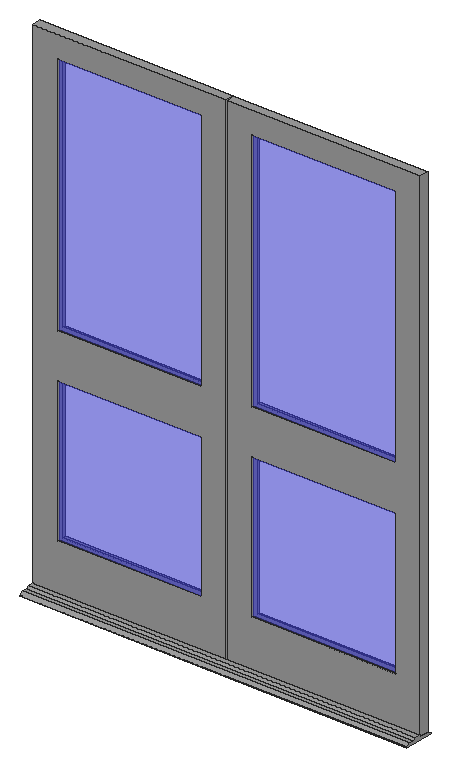
Revit family "MSD-375 DOOR-Double-1-PD-SF_v05", category Curtain Panels, Revit 2015
Parameters
  Width [instance] = 6' - 2"
  URL = "obe.com"
  Rough Width [instance] = 7' - 0"
  Offset [instance] = 0' - 0"
  Model = "MSD-375 DOOR"
  Min Panel Width [instance] = if(Rough Width > 6' 3", Rough Width, 6' 3")  # 7' - 0"
  Manufacturer = "Oldcastle BuildingEnvelope®"
  Keynote = "08 11 00"
  Height [instance] = 8' - 0"
  Pushbar Height [instance] = 3' - 5 1/4"  # constant formula
  Glass Material = Glass
  Frame Material = Aluminum
  Door Panel Height [instance] = Height + 0' 0 3/8"  # 8' - 0 3/8"
  Description = "MSD-375 - 1\" Door Infill"
  Assembly Code = "B2030"
  Analytic Construction = "<None>"
  8 Muntin [instance] = not([6.5 Muntin])  # no
  6.5 Muntin [instance] = yes
Reference planes (in)
  plane 1 "Front": y = 0
  plane 2: z = 0
  plane 3 "Center (Left/Right)": x = 0
  plane 4 "Left": x = -37
  plane 5 "Right": x = 37
  plane 6 "Top": z = 96
  plane 7: x = 42
  plane 8: x = -42
Text (in)
  text "Exterior" at (-54.29358, 31.38743, 0), in view "Ref. Level"
  text "Exterior" at (480, 41.53993, 89.60405), in view "Right"
  text "Exterior" at (-240, 57.82419, 105.78864), in view "Left"
Dimensions and locks (in)
  equal spacing: plane 4 "Left", plane 3 "Center (Left/Right)", plane 5 "Right"
  "Width": plane 4 "Left" to plane 5 "Right"
  "Height": plane 6 "Top" to plane 2
  equal spacing: plane 8, plane 3 "Center (Left/Right)", plane 7
  "Min Panel Width": plane 8 to plane 7
  aligned and locked: level to plane 2
  aligned and locked: plane 1 "Front" to nested 1
Nested families (in)
  nested 1: "MSD-375 DOOR-Double-1-PD-Panel_v05" at (0, -32, 0), Width <- "Width", Height <- "Door Panel Height", 6.5 Muntin <- "6.5 Muntin", Offset <- "Offset", type "MSD-375 DOOR-Double-1-PD-Panel"
    with Wing Width 3' - 1", built-in parameter 1001301 6' - 2", Pushbar Height 3' - 5 1/4", Offset 0' - 0", built-in parameter 1001300 8' - 0 3/8", Glass at Muntin 0' - 6 15/16", Glass Material Glass, Frame Material Aluminum, 8 Muntin no, 6.5 Muntin yes
Definition of nested family "MSD-375 DOOR-Double-1-PD-Panel_v05"
  Parameters (values of type "MSD-375 DOOR-Double-1-PD-Panel")
    Wing Width [instance] = Width / 2  # 3' - 0"
    Width [instance] = 6' - 0"
    Pushbar Height [instance] = 3' - 5 1/4"  # constant formula
    Offset [instance] = 0' - 1"
    Height [instance] = 8' - 0"
    Glass at Muntin [instance] = if([6.5 Muntin], 0' 6 15/16", 0' 8 7/16")  # 0' - 8 7/16"
    Glass Material [instance] = none
    Frame Material [instance] = none
    Analytic Construction = "<None>"
    8 Muntin [instance] = not([6.5 Muntin])  # yes
    6.5 Muntin [instance] = no
  Reference planes (in)
    plane 1 "00": y = 29.90625
    plane 2: z = 0
    plane 3 "Center (Left/Right)": x = 0
    plane 4: z = 96
    plane 5: x = -36
    plane 6: x = 36
    plane 7 "Center (Front/Back)": y = 32
    plane 8 "Exterior": y = 30.40625
    plane 9: z = 48
    plane 10: z = 8.90625
    plane 11: z = 45.46875
    plane 12: z = 37.03125
    plane 13: z = 92.281
    plane 14: z = 0
    plane 15: x = -32.05995
    plane 16: x = 32.03977
    plane 17 "Offset": y = 31
    plane 18: z = 41.25
  Forms (in)
    Sweep 1, solid, material <- "Frame Material"
      path origin (0, 29.90625, 0) x (1, 0, 0) y (0, 0, 1)
        loop
          line (-35.79725, 96) -> (-0.22003, 96)
      profile origin (-18.00864, 29.90625, 96) x (0, 0, 1) y (0, -1, 0)
        loop
          line (-0.375, -0.957) -> (-0.375, 0.793) -> (-4.5, 0.793) -> (-4.5, 0.5) -> (-3.719, 0.5) -> (-3.719, -0.5) -> (-4.5, -0.5) -> (-4.5, -0.957) -> (-0.375, -0.957)
    Sweep 2, solid, material <- "Frame Material"
      path origin (0, 29.90625, 0) x (1, 0, 0) y (0, 0, 1)
        loop
          line (-0.22003, 0) -> (-35.79725, 0)
      profile origin (-18.00864, 29.90625, 0) x (0, 0, -1) y (0, -1, 0)
        loop
          line (-9.6875, 0.793) -> (-9.6875, 0.5) -> (-8.9065, 0.5) -> (-8.9065, -0.5) -> (-9.6875, -0.5) -> (-9.6875, -0.957) -> (-0.6875, -0.957) -> (-0.6875, 0.793) -> (-9.6875, 0.793)
    Sweep 3, solid, material <- "Frame Material"
      path origin (0, 29.90625, 0) x (1, 0, 0) y (0, 0, 1)
        loop
          line (36, 95.625) -> (36, 0.6875)
      profile origin (36, 29.90625, 48.15625) x (0, -1, 0) y (1, 0, 0)
        loop
          line (-0.957, -0.09375) -> (-0.957, -4.84375) -> (-0.5, -4.84375) -> (-0.5, -4.06275) -> (0.5, -4.06275) -> (0.5, -4.84375) -> (0.793, -4.84375) -> (0.793, -0.20275) -> (-0.957, -0.09375)
    Sweep 4, solid, material <- "Frame Material"
      path origin (0, 29.90625, 0) x (1, 0, 0) y (0, 0, 1)
        loop
          line (-36, 95.625) -> (-36, 0.6875)
      profile origin (-36, 29.90625, 48.15625) x (0, -1, 0) y (1, 0, 0)
        loop
          line (0.793, 4.84375) -> (0.5, 4.84375) -> (0.5, 4.06275) -> (-0.5, 4.06275) -> (-0.5, 4.84375) -> (-0.957, 4.84375) -> (-0.957, 0.09375) -> (0.793, 0.20275) -> (0.793, 4.84375)
    Sweep 5, solid, material <- "Frame Material"
      path origin (0, 29.90625, 0) x (1, 0, 0) y (0, 0, 1)
        loop
          line (-0.22003, 48) -> (-35.79725, 48)
      profile origin (-18.00864, 29.90625, 48) x (0, 0, -1) y (0, -1, 0)
        loop
          line (1.75025, -0.5) -> (1.75025, -0.957) -> (11.75025, -0.957) -> (11.75025, -0.5) -> (10.96875, -0.5) -> (10.96875, 0.5) -> (11.75025, 0.5) -> (11.75025, 0.793) -> (1.75025, 0.793) -> (1.75025, 0.5) -> (2.53125, 0.5) -> (2.53125, -0.5) -> (1.75025, -0.5)
    Sweep 6, solid, material <- "Frame Material"
      path origin (0, 29.90625, 0) x (1, 0, 0) y (0, 0, 1)
        loop
          line (0, 95.625) -> (0, 0.6875)
      profile origin (0, 29.90625, 48.15625) x (0, -1, 0) y (1, 0, 0)
        loop
          line (-0.957, -4.81249) -> (-0.5, -4.81249) -> (-0.5, -4.03149) -> (0.5, -4.03149) -> (0.5, -4.81249) -> (0.793, -4.81249) -> (0.793, -0.22003)
          arc (0.793, -0.22003) -> (-0.082, -0.06251) -> (-0.957, -0.22003) r 2.50889
          line (-0.957, -0.22003) -> (-0.957, -4.81249)
        loop
          line (0.793, 0.22063) -> (0.793, 4.81251) -> (0.5, 4.81251) -> (0.5, 4.03151) -> (-0.5, 4.03151) -> (-0.5, 4.81251) -> (-0.957, 4.81251) -> (-0.957, 0.22063)
          arc (-0.957, 0.22063) -> (-0.082, 0.06251) -> (0.793, 0.22063) r 2.5
    Sweep 7, solid, material <- "Frame Material"
      path origin (0, 29.90625, 0) x (1, 0, 0) y (0, 0, 1)
        loop
          line (0.22063, 96) -> (35.78977, 96)
      profile origin (18.0052, 29.90625, 96) x (0, 0, 1) y (0, -1, 0)
        loop
          line (-4.5, -0.957) -> (-0.375, -0.957) -> (-0.375, 0.793) -> (-4.5, 0.793) -> (-4.5, 0.5) -> (-3.719, 0.5) -> (-3.719, -0.5) -> (-4.5, -0.5) -> (-4.5, -0.957)
    Sweep 8, solid, material <- "Frame Material"
      path origin (0, -4.95703, 0) x (1, 0, 0) y (0, 0, 1)
        loop
          line (35.79725, 48) -> (0.22063, 48)
      profile origin (18.00894, -4.95703, 48) x (0, 0, -1) y (0, -1, 0)
        loop
          line (1.75025, -34.36328) -> (2.53125, -34.36328) -> (2.53125, -35.36328) -> (1.75025, -35.36328) -> (1.75025, -35.82028) -> (11.75025, -35.82028) -> (11.75025, -35.36328) -> (10.96875, -35.36328) -> (10.96875, -34.36328) -> (11.75025, -34.36328) -> (11.75025, -34.07028) -> (1.75025, -34.07028) -> (1.75025, -34.36328)
    Sweep 9, solid, material <- "Frame Material"
      path origin (0, 29.90625, 0) x (1, 0, 0) y (0, 0, 1)
        loop
          line (35.79725, 0) -> (0.22063, 0)
      profile origin (18.00894, 29.90625, 0) x (0, 0, -1) y (0, -1, 0)
        loop
          line (-0.6875, -0.957) -> (-0.6875, 0.793) -> (-9.6875, 0.793) -> (-9.6875, 0.5) -> (-8.90625, 0.5) -> (-8.90625, -0.5) -> (-9.6875, -0.5) -> (-9.6875, -0.957) -> (-0.6875, -0.957)
    Extrusion 10, solid, material <- "Glass Material", detail levels coarse
      sketch origin (0, 0, 0) x (1, 0, 0) y (0, 1, 0)
        loop
          line (4.0315, 30.40625) -> (4.0315, 29.40625) -> (31.93725, 29.40625) -> (31.93725, 30.40625) -> (4.0315, 30.40625)
      from 37.03125 to 8.90625
    Extrusion 11, solid, material <- "Glass Material", detail levels medium+fine
      sketch origin (0, 0, 0) x (1, 0, 0) y (0, 1, 0)
        loop
          line (4.0315, 30.40625) -> (4.0315, 30.20625) -> (31.93725, 30.20625) -> (31.93725, 30.40625) -> (4.0315, 30.40625)
        loop
          line (31.93725, 29.83625) -> (4.0315, 29.83625) -> (4.0315, 29.63625) -> (31.93725, 29.63625) -> (31.93725, 29.83625)
        loop
          line (4.0315, 29.60625) -> (4.0315, 29.40625) -> (31.93725, 29.40625) -> (31.93725, 29.60625) -> (4.0315, 29.60625)
      from 8.90625 to 37.03125
    Extrusion 12, solid, material <- "Glass Material", detail levels medium+fine
      sketch origin (0, 0, 0) x (1, 0, 0) y (0, 1, 0)
        loop
          line (31.93725, 30.40625) -> (4.0315, 30.40625) -> (4.0315, 30.20625) -> (31.93725, 30.20625) -> (31.93725, 30.40625)
        loop
          line (4.0315, 29.83625) -> (4.0315, 29.63625) -> (31.93725, 29.63625) -> (31.93725, 29.83625) -> (4.0315, 29.83625)
        loop
          line (31.93725, 29.60625) -> (4.0315, 29.60625) -> (4.0315, 29.40625) -> (31.93725, 29.40625) -> (31.93725, 29.60625)
      from 45.46875 to 92.281
    Extrusion 13, solid, material <- "Glass Material", detail levels coarse
      sketch origin (0, 0, 0) x (1, 0, 0) y (0, 1, 0)
        loop
          line (4.03151, 30.40625) -> (4.03151, 29.40625) -> (31.93725, 29.40625) -> (31.93725, 30.40625) -> (4.03151, 30.40625)
      from 45.46875 to 92.281
    Extrusion 14, solid, material <- "Glass Material", detail levels medium+fine
      sketch origin (0, 0, 0) x (1, 0, 0) y (0, 1, 0)
        loop
          line (-4.0315, 30.40625) -> (-31.93725, 30.40625) -> (-31.93725, 30.20625) -> (-4.0315, 30.20625) -> (-4.0315, 30.40625)
        loop
          line (-31.93725, 29.83625) -> (-31.93725, 29.63625) -> (-4.0315, 29.63625) -> (-4.0315, 29.83625) -> (-31.93725, 29.83625)
        loop
          line (-4.03149, 29.60625) -> (-31.93725, 29.60625) -> (-31.93725, 29.40625) -> (-4.03149, 29.40625) -> (-4.03149, 29.60625)
      from 8.90625 to 37.03125
    Extrusion 15, solid, material <- "Glass Material", detail levels coarse
      sketch origin (0, 0, 0) x (1, 0, 0) y (0, 1, 0)
        loop
          line (-4.03149, 30.40625) -> (-31.93725, 30.40625) -> (-31.93725, 29.40625) -> (-4.03149, 29.40625) -> (-4.03149, 30.40625)
      from 45.46875 to 92.281
    Extrusion 16, solid, material <- "Glass Material", detail levels coarse
      sketch origin (0, 0, 0) x (1, 0, 0) y (0, 1, 0)
        loop
          line (-31.93725, 30.40625) -> (-31.93725, 29.40625) -> (-4.03149, 29.40625) -> (-4.03149, 30.40625) -> (-31.93725, 30.40625)
      from 8.90625 to 37.03125
    Extrusion 17, solid, material <- "Glass Material", detail levels medium+fine
      sketch origin (0, 0, 0) x (1, 0, 0) y (0, 1, 0)
        loop
          line (-31.93725, 29.40625) -> (-4.0315, 29.40625) -> (-4.0315, 29.60625) -> (-31.93725, 29.60625) -> (-31.93725, 29.40625)
        loop
          line (-4.03149, 29.63625) -> (-4.03149, 29.83625) -> (-31.93725, 29.83625) -> (-31.93725, 29.63625) -> (-4.03149, 29.63625)
        loop
          line (-31.93725, 30.20625) -> (-4.0315, 30.20625) -> (-4.0315, 30.40625) -> (-31.93725, 30.40625) -> (-31.93725, 30.20625)
      from 45.46875 to 92.281
    Sweep 18, solid, material <- "Frame Material"
      path origin (0, 31, 0) x (1, 0, 0) y (0, 0, 1)
        loop
          line (-35.79725, 0) -> (35.79725, 0)
      profile origin (0, 31, 0) x (0, 0, 1) y (0, -1, 0)
        loop
          line (0.5, 0.13675) -> (0.5, 1.91025) -> (0.844, 1.91025) -> (0.844, 2.90525) -> (0.5, 3.50176) -> (0.5, 4.26175) -> (0.125, 5.01175) -> (0, 5.01175) -> (0, -0.61325) -> (0.125, -0.61325) -> (0.5, 0.13675)
  Cuts and joins
    joined: Sweep 1, Sweep 2, Sweep 3, Sweep 4, Sweep 5, Sweep 6, Sweep 7, Sweep 8, Sweep 9
  Lines and regions (in)
    model lines
      curve 1: line (4.59371, 30.40625, 91.871) -> (31.15625, 30.40625, 48)
      curve 2: line (31.15625, 30.40625, 48) -> (4.59371, 30.40625, 9.4375)
      curve 3: line (-4.5985, 30.40625, 91.88597) -> (-31.15625, 30.40625, 48)
      curve 4: line (-31.15625, 30.40625, 48) -> (-4.5985, 30.40625, 9.4375)
  Dimensions and locks (in)
    "Height": plane 4 to level
    equal spacing: plane 5, plane 3 "Center (Left/Right)", plane 6
    "Offset": plane 17 "Offset" to plane 7 "Center (Front/Back)"
    equal spacing: level, plane 9, plane 4
    locked: Sweep 7 sketch curve to plane 3 "Center (Left/Right)" at 0.22063
    locked: Sweep 6 sketch curve to plane 4 at 0.375
    equal spacing: plane 4, plane 9, plane 14
    locked: plane 4 to plane 13 at 3.719
    locked: plane 10 to plane 14 at 8.90625
    locked: plane 5 to plane 15 at 3.94005
    locked: plane 16 to plane 6 at 3.96023
    "Width": plane 5 to plane 6
    plane 1 "00" to plane 8 "Exterior" to plane 17 "Offset" = 0' - 0 1/2" locked, 0' - 0 19/32" locked
    locked: plane 12 to Sweep 8 sketch curve at 0.7815  (x2)
    locked: Sweep 8 sketch curve to plane 11 at 0.781
    locked: plane 11 to Sweep 8 sketch curve at 0.781
    locked: plane 12 to Sweep 5 sketch curve at 0.7815  (x2)
    locked: Sweep 5 sketch curve to plane 11 at 0.781  (x2)
    locked: plane 6 to Sweep 7 sketch curve at 0.21023
    plane 17 "Offset" to Extrusion 11 sketch curve to Extrusion 11 sketch curve to Extrusion 11 sketch curve to Extrusion 11 sketch curve to Extrusion 11 sketch curve to Extrusion 11 sketch curve = 0' - 0 19/32" locked, 0' - 0.2" locked, 0' - 0.37" locked, 0' - 0.2" locked, 0' - 0.03" locked, 0' - 0.2" locked
    plane 17 "Offset" to Extrusion 10 sketch curve to Extrusion 10 sketch curve = 0' - 0 19/32" locked, 0' - 1" locked
    "Glass at Muntin": plane 11 to plane 12
    equal spacing: plane 11, plane 18, plane 12
    "Pushbar Height": plane 18 to plane 14
    Extrusion 15 sketch curve to Extrusion 15 sketch curve to plane 17 "Offset" = 0' - 1" locked, 0' - 0 19/32" locked
    Extrusion 17 sketch curve to Extrusion 17 sketch curve to Extrusion 17 sketch curve to Extrusion 17 sketch curve to Extrusion 17 sketch curve to Extrusion 17 sketch curve to plane 17 "Offset" = 0' - 0.2" locked, 0' - 0.03" locked, 0' - 0.2" locked, 0' - 0.37" locked, 0' - 0.2" locked, 0' - 0 19/32" locked
    Extrusion 12 sketch curve to Extrusion 12 sketch curve to Extrusion 12 sketch curve to Extrusion 12 sketch curve to Extrusion 12 sketch curve to Extrusion 12 sketch curve to plane 17 "Offset" = 0' - 0.2" locked, 0' - 0.03" locked, 0' - 0.2" locked, 0' - 0.37" locked, 0' - 0.2" locked, 0' - 0 19/32" locked
    Extrusion 14 sketch curve to Extrusion 14 sketch curve to Extrusion 14 sketch curve to Extrusion 14 sketch curve to Extrusion 14 sketch curve to Extrusion 14 sketch curve to plane 17 "Offset" = 0' - 0.2" locked, 0' - 0.03" locked, 0' - 0.2" locked, 0' - 0.37" locked, 0' - 0.2" locked, 0' - 0 19/32" locked
    Extrusion 16 sketch curve to Extrusion 16 sketch curve to plane 17 "Offset" = 0' - 1" locked, 0' - 0 19/32" locked
    locked: plane 14 to Sweep 6 sketch curve at 0.6875
    nested 1 to plane 17 "Offset" = 0' - 1 3/32"
    Sweep 8 sketch curve to plane 1 "00" to Sweep 8 sketch curve = 0' - 0.957" locked, 0' - 0.793" locked
    aligned and locked: plane 2 to level
    aligned and locked: plane 3 "Center (Left/Right)" to nested 1
    aligned and locked: Sweep 1 sketch curve to plane 4
    aligned and locked: Sweep 2 sketch curve to level
    aligned and locked: level to nested 2
    aligned and locked: nested 2 to plane 1 "00"
    aligned and locked: Sweep 5 sketch curve to plane 9
    aligned and locked: plane 3 "Center (Left/Right)" to Sweep 6 sketch curve
    aligned and locked: Sweep 9 sketch curve to level
    aligned and locked: Sweep 8 sketch curve to plane 9
    aligned and locked: plane 4 to Sweep 7 sketch curve
    aligned and locked: Extrusion 14 to plane 10
    aligned and locked: plane 12 to Extrusion 14
    aligned and locked: Extrusion 15 to plane 11
    aligned and locked: plane 13 to Extrusion 15
    aligned and locked: Extrusion 17 to plane 11
    aligned and locked: plane 13 to Extrusion 17
    aligned and locked: Extrusion 16 to plane 10
    aligned and locked: plane 12 to Extrusion 16
    aligned and locked: Extrusion 12 to plane 11
    aligned and locked: plane 13 to Extrusion 12
    aligned and locked: plane 13 to Extrusion 13
    aligned and locked: Extrusion 13 to plane 11
    aligned and locked: plane 12 to Extrusion 10
    aligned and locked: plane 12 to Extrusion 11
    aligned and locked: Extrusion 11 to plane 10
    aligned and locked: Extrusion 10 to plane 10
    aligned and locked: plane 9 to curve 4
    aligned and locked: Sweep 3 sketch curve to plane 6
    aligned and locked: Sweep 4 sketch curve to plane 5
    aligned and locked: Sweep 18 sketch curve to plane 14
    aligned and locked: plane 1 "00" to nested 1
    aligned and locked: Sweep 3 sketch curve to nested 1  (x5)
    aligned and locked: curve 1 to Sweep 3 sketch curve
    aligned and locked: Sweep 3 sketch curve to Sweep 3 sketch curve
    aligned and locked: Sweep 4 sketch curve to nested 1  (x4)
    aligned and locked: Sweep 4 sketch curve to Sweep 4 sketch curve
    aligned and locked: Sweep 7 sketch curve to cut or joined group of Sweep 1, Sweep 2, Sweep 3, Sweep 4, Sweep 5, Sweep 6, Sweep 7, Sweep 8, Sweep 9
    aligned and locked: Extrusion 11 sketch curve to nested 1
    aligned and locked: Extrusion 11 sketch curve to Extrusion 11 sketch curve  (x4)
    aligned and locked: nested 1 to Extrusion 11 sketch curve
    aligned and locked: Extrusion 10 sketch curve to nested 1
    aligned and locked: nested 1 to Extrusion 10 sketch curve
    aligned and locked: Extrusion 13 sketch curve to nested 1
    aligned and locked: Extrusion 12 sketch curve to Extrusion 12 sketch curve  (x2)
    aligned and locked: Extrusion 17 sketch curve to nested 1
    aligned and locked: Extrusion 17 sketch curve to Extrusion 17 sketch curve
    aligned and locked: Extrusion 15 sketch curve to nested 1
    aligned and locked: Extrusion 16 sketch curve to nested 1
    aligned and locked: Extrusion 14 sketch curve to nested 1
    aligned and locked: Extrusion 14 sketch curve to Extrusion 14 sketch curve  (x2)
  Automatic sketch dimensions
    curve 2 to plane 9 = 0' - 0"
    plane 15 to curve 3 = 0' - 0.9037"
    plane 10 to curve 4 = 0' - 0 17/32"
    plane 10 to curve 2 = 0' - 0 17/32"
    curve 1 to plane 13 = 0' - 0.41"
    curve 3 to plane 13 = 0' - 0.39503"
    plane 16 to curve 2 = 0' - 0.88352"
    curve 3 to plane 3 "Center (Left/Right)" = 0' - 4.5985"
    curve 4 to plane 3 "Center (Left/Right)" = 0' - 4.5985"
    plane 3 "Center (Left/Right)" to curve 2 = 0' - 4.59371"
    plane 3 "Center (Left/Right)" to curve 1 = 0' - 4.59371"
    Sweep 5 sketch curve to plane 1 "00" = 0' - 0.957"
    Sweep 5 sketch curve to plane 1 "00" = 0' - 0 1/2"  (x2)
    plane 1 "00" to Sweep 5 sketch curve = 0' - 0 1/2"  (x2)
    Sweep 5 sketch curve to Sweep 5 sketch curve = 0' - 0.7815"
    Sweep 5 sketch curve to Sweep 5 sketch curve = 0' - 0.781"
    Sweep 5 sketch curve to Sweep 5 sketch curve = 0' - 0.293"
    Sweep 6 sketch curve to plane 1 "00" = 0' - 0.957"
    Sweep 6 sketch curve to Sweep 6 sketch curve = 0' - 0"  (x2)
    Sweep 6 sketch curve to plane 1 "00" = 0' - 0 1/2"  (x2)
    Sweep 6 sketch curve to plane 1 "00" = 0' - 0.082"  (x2)
    plane 1 "00" to Sweep 6 sketch curve = 0' - 0 1/2"  (x2)
    profile plane to Sweep 6 sketch curve = 0' - 0.22003"
    plane 1 "00" to Sweep 6 sketch curve = 0' - 0.793"
    Sweep 6 sketch curve to profile plane = 0' - 0.22063"
    Sweep 6 sketch curve to Sweep 6 sketch curve = 0' - 2.35137"
    Sweep 6 sketch curve to Sweep 6 sketch curve = 0' - 1.46009"
    Sweep 6 sketch curve to Sweep 6 sketch curve = 0' - 0.781"  (x4)
    Sweep 6 sketch curve to Sweep 6 sketch curve = 0' - 2.34187"
    Sweep 6 sketch curve to Sweep 6 sketch curve = 0' - 1.469"
    Sweep 9 sketch curve to plane 1 "00" = 0' - 0 1/2"
    Sweep 9 sketch curve to Sweep 9 sketch curve = 0' - 8 7/32"
    Sweep 9 sketch curve to Sweep 9 sketch curve = 0' - 0 25/32"  (x2)
    plane 1 "00" to Sweep 9 sketch curve = 0' - 0 1/2"
    Sweep 9 sketch curve to Sweep 9 sketch curve = 0' - 0.293"
    Sweep 1 sketch curve to plane 1 "00" = 0' - 0.957"
    profile plane to Sweep 1 sketch curve = 0' - 4 1/2"
    Sweep 1 sketch curve to Sweep 1 sketch curve = 0' - 0"
    Sweep 1 sketch curve to Sweep 1 sketch curve = 0' - 0.781"
    profile plane to Sweep 1 sketch curve = 0' - 0 3/8"
    Sweep 1 sketch curve to Sweep 1 sketch curve = 0' - 0.457"
    plane 1 "00" to Sweep 1 sketch curve = 0' - 0 1/2"
    plane 1 "00" to Sweep 1 sketch curve = 0' - 0.793"
    plane 1 "00" to Sweep 2 sketch curve = 0' - 0.793"
    Sweep 2 sketch curve to Sweep 2 sketch curve = 0' - 0"
    Sweep 2 sketch curve to Sweep 2 sketch curve = 0' - 0.457"
    Sweep 2 sketch curve to Sweep 2 sketch curve = 0' - 0.781"
    Sweep 2 sketch curve to Sweep 2 sketch curve = 0' - 0.293"
    Sweep 2 sketch curve to plane 1 "00" = 0' - 0.957"
    profile plane to Sweep 2 sketch curve = 0' - 9 11/16"
    profile plane to Sweep 2 sketch curve = 0' - 0 11/16"
    profile plane to Sweep 9 sketch curve = 0' - 9 11/16"
    Sweep 9 sketch curve to plane 1 "00" = 0' - 0.957"
    profile plane to Sweep 18 sketch curve = 0' - 0"
    Sweep 18 sketch curve to plane 17 "Offset" = 0' - 0.61325"
    Sweep 18 sketch curve to profile plane = 0' - 0 1/8"  (x2)
    plane 17 "Offset" to Sweep 18 sketch curve = 0' - 0.13675"
    Sweep 18 sketch curve to profile plane = 0' - 0 1/2"  (x2)
    Sweep 18 sketch curve to Sweep 18 sketch curve = 0' - 1.7735"
    Sweep 18 sketch curve to Sweep 18 sketch curve = 0' - 3.1015"
    Sweep 18 sketch curve to Sweep 18 sketch curve = 0' - 0.995"
    Sweep 18 sketch curve to Sweep 18 sketch curve = 0' - 0.344"
    Sweep 18 sketch curve to Sweep 18 sketch curve = 0' - 0.59651"
    Sweep 18 sketch curve to Sweep 18 sketch curve = 0' - 0.75999"
    profile plane to Sweep 3 sketch curve = 0' - 0 3/32"
    plane 1 "00" to Sweep 4 sketch curve = 0' - 0 1/2"
    Sweep 4 sketch curve to plane 1 "00" = 0' - 0 1/2"
    Sweep 4 sketch curve to profile plane = 0' - 0 3/32"
    Sweep 9 sketch curve to plane 6 = 0' - 0.20275"
    plane 3 "Center (Left/Right)" to Sweep 9 sketch curve = 0' - 0.22063"
    plane 5 to Sweep 2 sketch curve = 0' - 0.20275"
    Sweep 2 sketch curve to plane 3 "Center (Left/Right)" = 0' - 0.22003"
    plane 3 "Center (Left/Right)" to Sweep 8 sketch curve = 0' - 0.22063"
    Sweep 8 sketch curve to plane 6 = 0' - 0.20275"
    plane 5 to Sweep 5 sketch curve = 0' - 0.20275"
    Sweep 5 sketch curve to plane 3 "Center (Left/Right)" = 0' - 0.22003"
    level to Sweep 4 sketch curve = 0' - 0 11/16"
    Sweep 4 sketch curve to plane 4 = 0' - 0 3/8"
    Sweep 1 sketch curve to plane 3 "Center (Left/Right)" = 0' - 0.22003"
    plane 5 to Sweep 1 sketch curve = 0' - 0.20275"
    plane 5 to Sweep 18 sketch curve = 0' - 0.20275"
    Sweep 7 sketch curve to plane 1 "00" = 0' - 0.957"
    profile plane to Sweep 7 sketch curve = 0' - 4 1/2"
    Sweep 7 sketch curve to Sweep 7 sketch curve = 0' - 0"
    Sweep 7 sketch curve to Sweep 7 sketch curve = 0' - 0.781"
    Sweep 7 sketch curve to Sweep 7 sketch curve = 0' - 0.457"
    plane 1 "00" to Sweep 7 sketch curve = 0' - 0 1/2"
    Sweep 7 sketch curve to Sweep 7 sketch curve = 0' - 0.293"
    level to Sweep 3 sketch curve = 0' - 0 11/16"
    Sweep 3 sketch curve to plane 4 = 0' - 0 3/8"
    plane 8 "Exterior" to Extrusion 13 sketch curve = 0' - 0"
    plane 1 "00" to Extrusion 13 sketch curve = 0' - 0 1/2"
    plane 3 "Center (Left/Right)" to Extrusion 13 sketch curve = 0' - 4.03151"
    plane 3 "Center (Left/Right)" to Extrusion 12 sketch curve = 0' - 4.0315"
    Extrusion 12 sketch curve to Extrusion 12 sketch curve = 0' - 0"  (x2)
    plane 16 to Extrusion 12 sketch curve = 0' - 0.10252"
    plane 15 to Extrusion 17 sketch curve = 0' - 0.1227"
    Extrusion 17 sketch curve to plane 3 "Center (Left/Right)" = 0' - 4.0315"
    Extrusion 17 sketch curve to Extrusion 17 sketch curve = 0' - 0"  (x2)
    Extrusion 15 sketch curve to plane 3 "Center (Left/Right)" = 0' - 4.03149"
    Extrusion 16 sketch curve to plane 3 "Center (Left/Right)" = 0' - 4.03149"
    Extrusion 14 sketch curve to plane 3 "Center (Left/Right)" = 0' - 4.0315"
    Extrusion 14 sketch curve to Extrusion 14 sketch curve = 0' - 0"  (x2)
    Sweep 8 sketch curve to Sweep 8 sketch curve = 0' - 0.781"
    Sweep 8 sketch curve to Sweep 8 sketch curve = 0' - 0.7815"
    Sweep 8 sketch curve to Sweep 8 sketch curve = 0' - 0.457"  (x2)
    Sweep 8 sketch curve to Sweep 8 sketch curve = 0' - 1"
    Sweep 8 sketch curve to Sweep 8 sketch curve = 0' - 0.293"
    Sweep 18 sketch curve to plane 6 = 0' - 0.20275"
  Nested families (in)
    nested 1: "MSD-375 DOOR-Double-1-PD-Plan View_v02" at (0, 29.90625, 0), Wing Width <- "Wing Width", type "MSD-375 DOOR-Double-1-PD-Plan View_v02"
      with Wing Width 3' - 0", Width 6' - 0"
    nested 2: "MSD-375 DOOR-Double-1-PD-Section_v02" at (0, 29.90625, 0) x (0, -1, 0) z (1, 0, 0), Height <- "Height", 8 Muntin <- "8 Muntin", 6.5 Muntin <- "6.5 Muntin", type "MSD-375 DOOR-Double-1-PD-Section_v02"
      with Pushbar Height 3' - 5 1/4", Height 8' - 0", Glass at Muntins 0' - 8 7/16", 8 Muntin yes, 6.5 Muntin no
  Definition of nested family "MSD-375 DOOR-Double-1-PD-Plan View_v02"
    Parameters (values of type "MSD-375 DOOR-Double-1-PD-Plan View_v02")
      Wing Width [instance] = 3' - 0"
      Width [instance] = Wing Width * 2  # 6' - 0"
    Reference planes (in)
      plane 1 "Center (Front/Back)": y = 0
      plane 2: z = 0
      plane 3 "Center (Left/Right)": x = 0
      plane 4: x = -36
      plane 5: x = 36
      plane 6: x = -34.5625
      plane 7: x = 34.5625
      plane 8: y = 37.34375
      plane 9: y = 1.34375
      plane 10: x = 35.90625
    Lines and regions (in)
      detail lines, in view "Ref. Level"
        curve 1: arc (34.5625, 37.18615, 0) -> (9.61167, 25.73798, 0) -> (0.06385, 0, 0) r 35.86758
        curve 2: arc (-34.5625, 37.18615, 0) -> (-9.61167, 25.73798, 0) -> (-0.06385, 0, 0) r 35.86758
    Dimensions and locks (in)
      equal spacing: plane 4, plane 3 "Center (Left/Right)", plane 5
      locked: nested 3 to plane 1 "Center (Front/Back)" at 1.12425
      "Width": plane 4 to plane 5
      plane 7 to plane 5 to nested 1 = 0' - 1 7/16" locked, 0' - 2.37425" locked
      locked: nested 4 to plane 1 "Center (Front/Back)" at 1.12425
      locked: nested 3 to plane 10 at 0.38675
      locked: plane 1 "Center (Front/Back)" to plane 9 at 1.34375
      "Wing Width": plane 9 to plane 8
      locked: plane 10 to plane 5 at 0.09375
      equal spacing: plane 6, plane 3 "Center (Left/Right)", plane 7
      plane 4 to nested 4 = 0' - 0.4805"
      nested 3 to plane 5 = 0' - 0.4805"
      locked: plane 4 to nested 2 at 0.09375
      locked: nested 11 to plane 8 at 0.09375
      locked: nested 12 to plane 8 at 0.09375
      aligned and locked: nested 1 to plane 1 "Center (Front/Back)"
      aligned and locked: plane 1 "Center (Front/Back)" to nested 2
      aligned and locked: nested 3 to plane 7
      aligned and locked: nested 4 to plane 6
      aligned and locked: nested 5 to plane 1 "Center (Front/Back)"
      aligned and locked: nested 6 to plane 1 "Center (Front/Back)"
      aligned and locked: nested 6 to plane 3 "Center (Left/Right)"
      aligned and locked: nested 5 to plane 3 "Center (Left/Right)"
      aligned and locked: plane 1 "Center (Front/Back)" to nested 7
      aligned and locked: plane 1 "Center (Front/Back)" to nested 9
      aligned and locked: nested 11 to plane 7
      aligned and locked: nested 12 to plane 6
      aligned and locked: nested 8 to plane 6
      aligned and locked: nested 10 to plane 7
      aligned and locked: plane 9 to nested 3
      aligned and locked: nested 10 to nested 3
      aligned and locked: nested 10 to nested 11
      aligned and locked: plane 9 to nested 4
      aligned and locked: nested 8 to nested 4
      aligned and locked: nested 8 to nested 12
      aligned and locked: plane 10 to nested 1
      aligned and locked: nested 9 to nested 1
      aligned and locked: nested 7 to nested 2
    Automatic sketch dimensions
      plane 9 to curve 2 = 0' - 0"
      curve 2 to plane 6 = 0' - 0"
      plane 1 "Center (Front/Back)" to curve 2 = 0' - 0"
      plane 1 "Center (Front/Back)" to curve 1 = 0' - 0"
      curve 1 to plane 7 = 0' - 0"
      plane 9 to curve 1 = 0' - 0"
      curve 1 to plane 10 = 0' - 0"
      plane 4 to curve 2 = 0' - 0 3/32"
      curve 2 to plane 3 "Center (Left/Right)" = 0' - 0.06385"
      plane 3 "Center (Left/Right)" to curve 1 = 0' - 0.06385"
    Nested families (in)
      nested 1: "HINGE-PD-DI" at (38.37425, 0, 0) x (-1, 0, 0) z (0, 0, 1), type "HINGE-PD-DI", in view "Ref. Level", not visible
      nested 2: "HINGE-PD-DI" at (-38.37425, 0, 0), type "HINGE-PD-DI", in view "Ref. Level", not visible
      nested 3: "HINGE-PD-DI" at (34.5625, -1.12425, 0) x (0, 1, 0) z (0, 0, 1), type "HINGE-PD-DI", in view "Ref. Level"
      nested 4: "HINGE-PD-DI" at (-34.5625, -1.12425, 0) x (0, 1, 0) z (0, 0, 1), type "HINGE-PD-DI", in view "Ref. Level"
      nested 5: "MEETING STILE-L-DI" at (0, 0, 0) x (-1, 0, 0) z (0, 0, 1), type "MEETING STILE-L-DI", in view "Ref. Level", not visible
      nested 6: "MEETING STILE-R-DI" at (0, 0, 0) x (-1, 0, 0) z (0, 0, 1), type "MEETING STILE-R-DI", in view "Ref. Level", not visible
      nested 7: "Glass-DI" at (-31.93725, 0, 0), type "Glass-DI", in view "Ref. Level", not visible
        with Glass Width 2' - 3.90576"
      nested 8: "Glass-DI" at (-34.5625, 5.31275, 0) x (0, 1, 0) z (0, 0, 1), type "Glass-DI", in view "Ref. Level"
        with Glass Width 2' - 3.90575"
      nested 9: "Glass-DI" at (4.03151, 0, 0), type "Glass-DI", in view "Ref. Level", not visible
        with Glass Width 2' - 3.90574"
      nested 10: "Glass-DI" at (34.5625, 5.31275, 0) x (0, 1, 0) z (0, 0, 1), type "Glass-DI", in view "Ref. Level"
        with Glass Width 2' - 3.90575"
      nested 11: "MEETING STILE-R-DI" at (34.5625, 37.25, 0) x (0, 1, 0) z (0, 0, 1), type "MEETING STILE-R-DI", in view "Ref. Level"
      nested 12: "MEETING STILE-R-DI" at (-34.5625, 37.25, 0) x (0, 1, 0) z (0, 0, 1), type "MEETING STILE-R-DI", in view "Ref. Level"
    Definition of nested family "HINGE-PD-DI"
      Reference planes (in)
        plane 1 "Center (Front/Back)": y = 0
        plane 2: z = 0
        plane 3 "Center (Left/Right)": x = 0
      Lines and regions (in)
        detail lines, in view "Ref. Level"
          curve 1: line (2.468, -0.957, 0) -> (7.218, -0.957, 0)
          curve 2: line (7.218, -0.957, 0) -> (7.218, -0.5, 0)
          curve 3: line (7.218, -0.5, 0) -> (6.437, -0.5, 0)
          curve 4: line (6.437, -0.5, 0) -> (6.437, 0.5, 0)
          curve 5: line (6.437, 0.5, 0) -> (7.218, 0.5, 0)
          curve 6: line (7.218, 0.5, 0) -> (7.218, 0.793, 0)
          curve 7: line (7.218, 0.793, 0) -> (2.69446, 0.793, 0)
          curve 8: arc (2.69446, 0.793, 0) -> (2.60886, 0.75909, 0) -> (2.5697, 0.67577, 0) r 0.125
          curve 9: line (2.5697, 0.67577, 0) -> (2.468, -0.957, 0)
    Definition of nested family "MEETING STILE-L-DI"
      Reference planes (in)
        plane 1 "Center (Front/Back)": y = 0
        plane 2: z = 0
        plane 3 "Center (Left/Right)": x = 0
      Lines and regions (in)
        detail lines, in view "Ref. Level"
          curve 1: line (0.22004, -0.957, 0) -> (4.8125, -0.957, 0)
          curve 2: line (4.8125, -0.957, 0) -> (4.8125, -0.5, 0)
          curve 3: line (4.8125, -0.5, 0) -> (4.0315, -0.5, 0)
          curve 4: line (4.0315, -0.5, 0) -> (4.0315, 0.5, 0)
          curve 5: line (4.0315, 0.5, 0) -> (4.8125, 0.5, 0)
          curve 6: line (4.8125, 0.5, 0) -> (4.8125, 0.793, 0)
          curve 7: line (4.8125, 0.793, 0) -> (0.22004, 0.793, 0)
          curve 8: arc (0.22004, 0.793, 0) -> (0.06251, -0.082, 0) -> (0.22004, -0.957, 0) r 2.50889
    Definition of nested family "MEETING STILE-R-DI"
      Reference planes (in)
        plane 1 "Center (Front/Back)": y = 0
        plane 2: z = 0
        plane 3 "Center (Left/Right)": x = 0
      Lines and regions (in)
        detail lines, in view "Ref. Level"
          curve 1: line (-0.22063, 0.793, 0) -> (-4.8125, 0.793, 0)
          curve 2: line (-4.8125, 0.793, 0) -> (-4.8125, 0.5, 0)
          curve 3: line (-4.8125, 0.5, 0) -> (-4.0315, 0.5, 0)
          curve 4: line (-4.0315, 0.5, 0) -> (-4.0315, -0.5, 0)
          curve 5: line (-4.0315, -0.5, 0) -> (-4.8125, -0.5, 0)
          curve 6: line (-4.8125, -0.5, 0) -> (-4.8125, -0.957, 0)
          curve 7: line (-4.8125, -0.957, 0) -> (-0.22063, -0.957, 0)
          curve 8: arc (-0.22063, -0.957, 0) -> (-0.0625, -0.082, 0) -> (-0.22063, 0.793, 0) r 2.5
    Definition of nested family "Glass-DI"
      Parameters (values of type "Glass-DI")
        Glass Width [instance] = 1' - 1.156"
      Reference planes (in)
        plane 1 "Center (Front/Back)": y = 0
        plane 2: z = 0
        plane 3 "Center (Left/Right)": x = 0
        plane 4: x = 13.156
      Lines and regions (in)
        detail lines, in view "Ref. Level"
          curve 1: line (0, -0.5, 0) -> (13.156, -0.5, 0)
          curve 14: line (0, 0.5, 0) -> (13.156, 0.5, 0)
        detail lines, in view "Ref. Level", detail levels fine
          curve 2: line (0, -0.45, 0) -> (13.156, -0.45, 0)
          curve 3: line (0, -0.4, 0) -> (13.156, -0.4, 0)
          curve 4: line (0, -0.35, 0) -> (13.156, -0.35, 0)
          curve 7: line (0, 0.12, 0) -> (13.156, 0.12, 0)
          curve 8: line (0, 0.17, 0) -> (13.156, 0.17, 0)
          curve 9: line (0, 0.22, 0) -> (13.156, 0.22, 0)
          curve 11: line (0, 0.35, 0) -> (13.156, 0.35, 0)
          curve 12: line (0, 0.4, 0) -> (13.156, 0.4, 0)
          curve 13: line (0, 0.45, 0) -> (13.156, 0.45, 0)
        detail lines, in view "Ref. Level", detail levels medium+fine
          curve 5: line (0, -0.3, 0) -> (13.156, -0.3, 0)
          curve 6: line (0, 0.07, 0) -> (13.156, 0.07, 0)
          curve 10: line (0, 0.27, 0) -> (13.156, 0.27, 0)
          curve 15: line (0, 0.3, 0) -> (13.156, 0.3, 0)
      Dimensions and locks (in)
        "Glass Width": plane 3 "Center (Left/Right)" to plane 4
        aligned and locked: plane 4 to curve 1
        aligned and locked: plane 4 to curve 2
        aligned and locked: plane 4 to curve 3
        aligned and locked: plane 4 to curve 4
        aligned and locked: plane 4 to curve 5
        aligned and locked: plane 4 to curve 6
        aligned and locked: plane 4 to curve 7
        aligned and locked: plane 4 to curve 8
        aligned and locked: plane 4 to curve 9
        aligned and locked: plane 4 to curve 10
        aligned and locked: plane 4 to curve 15
        aligned and locked: plane 4 to curve 11
        aligned and locked: plane 4 to curve 12
        aligned and locked: plane 4 to curve 13
        aligned and locked: plane 4 to curve 14
        aligned and locked: plane 3 "Center (Left/Right)" to curve 2
        aligned and locked: plane 3 "Center (Left/Right)" to curve 1
        aligned and locked: plane 3 "Center (Left/Right)" to curve 5
        aligned and locked: plane 3 "Center (Left/Right)" to curve 4
        aligned and locked: plane 3 "Center (Left/Right)" to curve 3
        aligned and locked: plane 3 "Center (Left/Right)" to curve 7
        aligned and locked: plane 3 "Center (Left/Right)" to curve 6
        aligned and locked: plane 3 "Center (Left/Right)" to curve 8
        aligned and locked: plane 3 "Center (Left/Right)" to curve 10
        aligned and locked: plane 3 "Center (Left/Right)" to curve 9
        aligned and locked: plane 3 "Center (Left/Right)" to curve 15
        aligned and locked: plane 3 "Center (Left/Right)" to curve 13
        aligned and locked: plane 3 "Center (Left/Right)" to curve 12
        aligned and locked: plane 3 "Center (Left/Right)" to curve 11
        aligned and locked: plane 3 "Center (Left/Right)" to curve 14
      Automatic sketch dimensions
        plane 1 "Center (Front/Back)" to curve 1 = 0' - 0 1/2"
        curve 15 to plane 1 "Center (Front/Back)" = 0' - 0.3"
        curve 1 to curve 2 = 0' - 0.05"
        curve 2 to curve 3 = 0' - 0.05"
        curve 3 to curve 4 = 0' - 0.05"
        curve 4 to curve 5 = 0' - 0.05"
        curve 6 to plane 1 "Center (Front/Back)" = 0' - 0.07"
        curve 6 to curve 7 = 0' - 0.05"
        curve 7 to curve 8 = 0' - 0.05"
        curve 8 to curve 9 = 0' - 0.05"
        curve 10 to curve 15 = 0' - 0.03"
        curve 15 to curve 11 = 0' - 0.05"
        curve 11 to curve 12 = 0' - 0.05"
        curve 12 to curve 13 = 0' - 0.05"
        curve 13 to curve 14 = 0' - 0.05"
  Definition of nested family "MSD-375 DOOR-Double-1-PD-Section_v02"
    Parameters (values of type "MSD-375 DOOR-Double-1-PD-Section_v02")
      Pushbar Height [instance] = 3' - 5 1/4"  # constant formula
      Height [instance] = 7' - 0"
      Glass at Muntins [instance] = if([6.5 Muntin], 0' 6 15/16", 0' 8 7/16")  # 0' - 8 7/16"
      8 Muntin [instance] = not([6.5 Muntin])  # yes
      6.5 Muntin [instance] = no
    Reference planes (in)
      plane 1 "Center (Front/Back)": y = 0
      plane 2: z = 0
      plane 3 "Center (Left/Right)": x = 0
      plane 4: y = 8.9065
      plane 5: y = 80.281
      plane 6: y = 84
      plane 7: y = 45.46875
      plane 8: y = 37.03125
      plane 9: y = 46.24975
      plane 10: y = 41.25
    Dimensions and locks (in)
      locked: plane 4 to plane 1 "Center (Front/Back)" at 8.9065
      "Height": plane 6 to plane 1 "Center (Front/Back)"
      locked: plane 7 to plane 9 at 0.781
      "Glass at Muntins": plane 8 to plane 7
      nested 1 to plane 6 to plane 5 = 0' - 3 1/4" locked, 0' - 3.719" locked
      equal spacing: plane 8, plane 10, plane 7
      "Pushbar Height": plane 1 "Center (Front/Back)" to plane 10
      aligned and locked: plane 3 "Center (Left/Right)" to nested 1
      aligned and locked: plane 3 "Center (Left/Right)" to nested 2
      aligned and locked: plane 9 to nested 3
      aligned and locked: plane 3 "Center (Left/Right)" to nested 3
      aligned and locked: plane 9 to nested 4
      aligned and locked: plane 3 "Center (Left/Right)" to nested 4
      aligned and locked: plane 4 to nested 5
      aligned and locked: plane 8 to nested 5
      aligned and locked: nested 5 to plane 3 "Center (Left/Right)"
      aligned and locked: nested 6 to plane 5
      aligned and locked: nested 6 to plane 3 "Center (Left/Right)"
      aligned and locked: plane 1 "Center (Front/Back)" to nested 2
      aligned and locked: nested 6 to plane 7
    Nested families (in)
      nested 1: "TOP RAIL-DI" at (0, 87.25, 0), type "TOP RAIL-DI", in view "Ref. Level"
      nested 2: "BOTTOM RAIL-DI" at (0, 9.6875, 0), type "BOTTOM RAIL-DI", in view "Ref. Level"
      nested 3: "6.5 MUNTIN-DI" at (0, 46.24975, 0), visible <- "6.5 Muntin", type "6.5 MUNTIN-DI", in view "Ref. Level"
      nested 4: "8 MUNTIN-DI" at (0, 46.24975, 0), visible <- "8 Muntin", type "8 MUNTIN-DI", in view "Ref. Level"
      nested 5: "Glass-DI" at (0, 37.03125, 0) x (0, -1, 0) z (0, 0, 1), type "Glass-DI", in view "Ref. Level"
        with Glass Width 2' - 4.12475"
      nested 6: "Glass-DI" at (0, 80.281, 0) x (0, -1, 0) z (0, 0, 1), type "Glass-DI", in view "Ref. Level"
        with Glass Width 2' - 10.81225"
    Definition of nested family "TOP RAIL-DI"
      Reference planes (in)
        plane 1 "Center (Front/Back)": y = 0
        plane 2: z = 0
        plane 3 "Center (Left/Right)": x = 0
      Lines and regions (in)
        detail lines, in view "Ref. Level"
          curve 1: line (-0.957, -7.75, 0) -> (-0.957, -3.75, 0)
          curve 2: line (-0.957, -3.75, 0) -> (0.793, -3.75, 0)
          curve 3: line (0.793, -3.75, 0) -> (0.793, -7.75, 0)
          curve 4: line (0.793, -7.75, 0) -> (0.5, -7.75, 0)
          curve 5: line (0.5, -7.75, 0) -> (0.5, -6.969, 0)
          curve 6: line (0.5, -6.969, 0) -> (-0.5, -6.969, 0)
          curve 7: line (-0.5, -6.969, 0) -> (-0.5, -7.75, 0)
          curve 8: line (-0.5, -7.75, 0) -> (-0.957, -7.75, 0)
    Definition of nested family "BOTTOM RAIL-DI"
      Reference planes (in)
        plane 1 "Center (Front/Back)": y = 0
        plane 2: z = 0
        plane 3 "Center (Left/Right)": x = 0
      Lines and regions (in)
        detail lines, in view "Ref. Level"
          curve 1: line (-0.957, -9.1875, 0) -> (-0.957, 0, 0)
          curve 2: line (-0.957, 0, 0) -> (-0.5, 0, 0)
          curve 3: line (-0.5, 0, 0) -> (-0.5, -0.781, 0)
          curve 4: line (-0.5, -0.781, 0) -> (0.5, -0.781, 0)
          curve 5: line (0.5, -0.781, 0) -> (0.5, 0, 0)
          curve 6: line (0.5, 0, 0) -> (0.793, 0, 0)
          curve 7: line (0.793, 0, 0) -> (0.793, -9.1875, 0)
          curve 8: line (0.793, -9, 0) -> (-0.957, -9, 0)
          curve 9: line (0.793, -9.1875, 0) -> (3.168, -9.1875, 0)
          curve 10: line (3.168, -9.1875, 0) -> (3.918, -9.5625, 0)
          curve 11: line (3.918, -9.5625, 0) -> (3.918, -9.6875, 0)
          curve 12: line (3.918, -9.6875, 0) -> (-1.707, -9.6875, 0)
          curve 13: line (-1.707, -9.6875, 0) -> (-1.707, -9.5625, 0)
          curve 14: line (-1.707, -9.5625, 0) -> (-0.957, -9.1875, 0)
    Definition of nested family "6.5 MUNTIN-DI"
      Reference planes (in)
        plane 1 "Center (Front/Back)": y = 0
        plane 2: z = 0
        plane 3 "Center (Left/Right)": x = 0
      Lines and regions (in)
        detail lines, in view "Ref. Level"
          curve 1: line (0.793, 0, 0) -> (0.793, -8.5, 0)
          curve 2: line (0.793, -8.5, 0) -> (0.5, -8.5, 0)
          curve 3: line (0.5, -8.5, 0) -> (0.5, -7.719, 0)
          curve 4: line (0.5, -7.719, 0) -> (-0.5, -7.719, 0)
          curve 5: line (-0.5, -7.719, 0) -> (-0.5, -8.5, 0)
          curve 6: line (-0.5, -8.5, 0) -> (-0.957, -8.5, 0)
          curve 7: line (-0.957, -8.5, 0) -> (-0.957, 0, 0)
          curve 8: line (-0.957, 0, 0) -> (-0.5, 0, 0)
          curve 9: line (-0.5, 0, 0) -> (-0.5, -0.781, 0)
          curve 10: line (-0.5, -0.781, 0) -> (0.5, -0.781, 0)
          curve 11: line (0.5, -0.781, 0) -> (0.5, 0, 0)
          curve 12: line (0.5, 0, 0) -> (0.793, 0, 0)
    Definition of nested family "8 MUNTIN-DI"
      Reference planes (in)
        plane 1 "Center (Front/Back)": y = 0
        plane 2: z = 0
        plane 3 "Center (Left/Right)": x = 0
      Lines and regions (in)
        detail lines, in view "Ref. Level"
          curve 1: line (0.793, 0, 0) -> (0.793, -10, 0)
          curve 2: line (0.793, -10, 0) -> (0.5, -10, 0)
          curve 3: line (0.5, -10, 0) -> (0.5, -9.219, 0)
          curve 4: line (0.5, -9.219, 0) -> (-0.5, -9.219, 0)
          curve 5: line (-0.5, -9.219, 0) -> (-0.5, -10, 0)
          curve 6: line (-0.5, -10, 0) -> (-0.957, -10, 0)
          curve 7: line (-0.957, -10, 0) -> (-0.957, 0, 0)
          curve 8: line (-0.957, 0, 0) -> (-0.5, 0, 0)
          curve 9: line (-0.5, 0, 0) -> (-0.5, -0.781, 0)
          curve 10: line (-0.5, -0.781, 0) -> (0.5, -0.781, 0)
          curve 11: line (0.5, -0.781, 0) -> (0.5, 0, 0)
          curve 12: line (0.5, 0, 0) -> (0.793, 0, 0)
    Definition of nested family "Glass-DI"
      Parameters (values of type "Glass-DI")
        Glass Width [instance] = 1' - 1.156"
      Reference planes (in)
        plane 1 "Center (Front/Back)": y = 0
        plane 2: z = 0
        plane 3 "Center (Left/Right)": x = 0
        plane 4: x = 13.156
      Lines and regions (in)
        detail lines, in view "Ref. Level"
          curve 1: line (0, -0.5, 0) -> (13.156, -0.5, 0)
          curve 14: line (0, 0.5, 0) -> (13.156, 0.5, 0)
        detail lines, in view "Ref. Level", detail levels fine
          curve 2: line (0, -0.45, 0) -> (13.156, -0.45, 0)
          curve 3: line (0, -0.4, 0) -> (13.156, -0.4, 0)
          curve 4: line (0, -0.35, 0) -> (13.156, -0.35, 0)
          curve 7: line (0, 0.12, 0) -> (13.156, 0.12, 0)
          curve 8: line (0, 0.17, 0) -> (13.156, 0.17, 0)
          curve 9: line (0, 0.22, 0) -> (13.156, 0.22, 0)
          curve 11: line (0, 0.35, 0) -> (13.156, 0.35, 0)
          curve 12: line (0, 0.4, 0) -> (13.156, 0.4, 0)
          curve 13: line (0, 0.45, 0) -> (13.156, 0.45, 0)
        detail lines, in view "Ref. Level", detail levels medium+fine
          curve 5: line (0, -0.3, 0) -> (13.156, -0.3, 0)
          curve 6: line (0, 0.07, 0) -> (13.156, 0.07, 0)
          curve 10: line (0, 0.27, 0) -> (13.156, 0.27, 0)
          curve 15: line (0, 0.3, 0) -> (13.156, 0.3, 0)
      Dimensions and locks (in)
        "Glass Width": plane 3 "Center (Left/Right)" to plane 4
        aligned and locked: plane 4 to curve 1
        aligned and locked: plane 4 to curve 2
        aligned and locked: plane 4 to curve 3
        aligned and locked: plane 4 to curve 4
        aligned and locked: plane 4 to curve 5
        aligned and locked: plane 4 to curve 6
        aligned and locked: plane 4 to curve 7
        aligned and locked: plane 4 to curve 8
        aligned and locked: plane 4 to curve 9
        aligned and locked: plane 4 to curve 10
        aligned and locked: plane 4 to curve 15
        aligned and locked: plane 4 to curve 11
        aligned and locked: plane 4 to curve 12
        aligned and locked: plane 4 to curve 13
        aligned and locked: plane 4 to curve 14
        aligned and locked: plane 3 "Center (Left/Right)" to curve 2
        aligned and locked: plane 3 "Center (Left/Right)" to curve 1
        aligned and locked: plane 3 "Center (Left/Right)" to curve 5
        aligned and locked: plane 3 "Center (Left/Right)" to curve 4
        aligned and locked: plane 3 "Center (Left/Right)" to curve 3
        aligned and locked: plane 3 "Center (Left/Right)" to curve 7
        aligned and locked: plane 3 "Center (Left/Right)" to curve 6
        aligned and locked: plane 3 "Center (Left/Right)" to curve 8
        aligned and locked: plane 3 "Center (Left/Right)" to curve 10
        aligned and locked: plane 3 "Center (Left/Right)" to curve 9
        aligned and locked: plane 3 "Center (Left/Right)" to curve 15
        aligned and locked: plane 3 "Center (Left/Right)" to curve 13
        aligned and locked: plane 3 "Center (Left/Right)" to curve 12
        aligned and locked: plane 3 "Center (Left/Right)" to curve 11
        aligned and locked: plane 3 "Center (Left/Right)" to curve 14
      Automatic sketch dimensions
        plane 1 "Center (Front/Back)" to curve 1 = 0' - 0 1/2"
        curve 15 to plane 1 "Center (Front/Back)" = 0' - 0.3"
        curve 1 to curve 2 = 0' - 0.05"
        curve 2 to curve 3 = 0' - 0.05"
        curve 3 to curve 4 = 0' - 0.05"
        curve 4 to curve 5 = 0' - 0.05"
        curve 6 to plane 1 "Center (Front/Back)" = 0' - 0.07"
        curve 6 to curve 7 = 0' - 0.05"
        curve 7 to curve 8 = 0' - 0.05"
        curve 8 to curve 9 = 0' - 0.05"
        curve 10 to curve 15 = 0' - 0.03"
        curve 15 to curve 11 = 0' - 0.05"
        curve 11 to curve 12 = 0' - 0.05"
        curve 12 to curve 13 = 0' - 0.05"
        curve 13 to curve 14 = 0' - 0.05"
